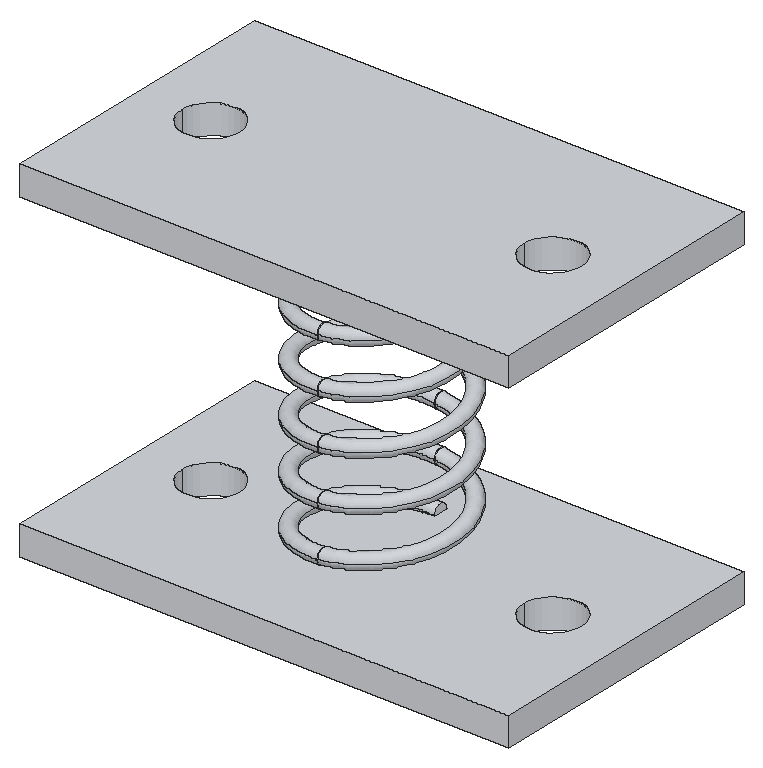
Revit family "НЕВАТОМ_Виброизолятор ВР, Версия 1", category Оборудование, Revit 2017
Family settings
  Размер круглого соединителя = Использовать диаметр
  Тип детали = Нормальный
  На основе рабочей плоскости = Нет
  Всегда вертикально = Да
  При загрузке вырезать с полостями = Нет
  Общий = Нет
  Точка расчета площади = Нет
Parameters (values of type "Виброизолятор ВР")
  Виброизолятор = "НЕВАТОМ_Виброизолятор ВР"  # constant formula
  t3 = 6 mm  # constant formula
  t/2 = t / 2  # 5.143 mm
  t = H / 7  # 10.286 mm
  d1 = size_lookup(Виброизолятор, "d1", 12 mm, Type)  # 12 mm
  d = size_lookup(Виброизолятор, "d", 3 mm, Type)  # 3 mm
  Type = 38 mm
  R1 = d / 2  # 1.5 mm
  R = Dsr / 2  # 15 mm
  Massiv = 6
  L2 = H - 12 mm  # 60 mm
  L = size_lookup(Виброизолятор, "L", 100 mm, Type)  # 100 mm
  H = size_lookup(Виброизолятор, "H", 72 mm, Type)  # 72 mm
  Dsr = size_lookup(Виброизолятор, "Dsr", 30 mm, Type)  # 30 mm
  B = size_lookup(Виброизолятор, "B", 60 mm, Type)  # 60 mm
  ADSK_Примечание = ""
  ADSK_Позиция = ""
  ADSK_Обозначение = ""
  ADSK_Наименование = size_lookup(Виброизолятор, "", "Виброизолятор ДО-38", Type)  # "Виброизолятор ДО-38"
  ADSK_Масса = size_lookup(Виброизолятор, "M", 0.2, Type)  # 0.2
  ADSK_Марка = ADSK_Наименование  # "Виброизолятор ДО-38"
  ADSK_Количество = 1
  ADSK_Код изделия = "ДО"  # constant formula
  ADSK_Завод-изготовитель = "КВЗ"
  ADSK_Единица измерения = ""
  A = size_lookup(Виброизолятор, "A", 70 mm, Type)  # 70 mm
Reference planes
  plane 1 "По центру (Вперед/Назад)": y = 0
  plane 2: z = 0
  plane 3 "По центру (Влево/Вправо)": x = 0
  plane 4: z = 320
  plane 5: z = 330.286
  plane 6: z = 340.571
  plane 7: z = 350.857
  plane 8: y = 30
  plane 9: x = -50
  plane 10: x = 50
  plane 11: y = -30
  plane 12: x = 50
  plane 13: x = -50
  plane 14: y = 30
  plane 15: y = -30
  plane 16: z = 361.143
  plane 17: z = 371.429
Forms (mm)
  SweptBlend 1, solid
    path origin (0, 0, 320) x (1, 0, 0) y (0, 1, 0)
      loop
        arc (0, 15) -> (-15, 0) -> (0, -15) r 15
    profile origin (0, 15, 320) x (0, -1, 0) y (0, 0, 1)
      loop
        circle (0, 0) r 1.5
    end profile origin (0, -15, 320) x (0, 1, 0) y (0, 0, 1)
      loop
        circle (0, 5.143) r 1.5
  SweptBlend 2, solid
    path origin (0, 0, 320) x (-1, 0, 0) y (0, -1, 0)
      loop
        arc (0, 15) -> (-15, 0) -> (0, -15) r 15
    profile origin (0, -15, 320) x (0, 1, 0) y (0, 0, 1)
      loop
        circle (0, 5.143) r 1.5
    end profile origin (0, 15, 320) x (0, -1, 0) y (0, 0, 1)
      loop
        circle (0, 10.286) r 1.5
  SweptBlend 3, solid
    path origin (0, 0, 330.286) x (1, 0, 0) y (0, 1, 0)
      loop
        arc (0, 15) -> (-15, 0) -> (0, -15) r 15
    profile origin (0, 15, 330.286) x (0, -1, 0) y (0, 0, 1)
      loop
        circle (0, 0) r 1.5
    end profile origin (0, -15, 330.286) x (0, 1, 0) y (0, 0, 1)
      loop
        circle (0, 5.143) r 1.5
  SweptBlend 4, solid
    path origin (0, 0, 330.286) x (-1, 0, 0) y (0, -1, 0)
      loop
        arc (0, 15) -> (-15, 0) -> (0, -15) r 15
    profile origin (0, -15, 330.286) x (0, 1, 0) y (0, 0, 1)
      loop
        circle (0, 5.143) r 1.5
    end profile origin (0, 15, 330.286) x (0, -1, 0) y (0, 0, 1)
      loop
        circle (0, 10.286) r 1.5
  Extrusion 5, solid
    sketch origin (0, 0, 0) x (1, 0, 0) y (0, 1, 0)
      loop
        line (-50, 30) -> (-50, -30) -> (50, -30) -> (50, 30) -> (-50, 30)
      loop
        circle (-35, 0) r 6
      loop
        circle (35, 0) r 6
    from 320 to 314
  SweptBlend 6, solid
    path origin (0, 0, 340.571) x (1, 0, 0) y (0, 1, 0)
      loop
        arc (0, 15) -> (-15, 0) -> (0, -15) r 15
    profile origin (0, 15, 340.571) x (0, -1, 0) y (0, 0, 1)
      loop
        circle (0, 0) r 1.5
    end profile origin (0, -15, 340.571) x (0, 1, 0) y (0, 0, 1)
      loop
        circle (0, 5.143) r 1.5
  SweptBlend 7, solid
    path origin (0, 0, 340.571) x (-1, 0, 0) y (0, -1, 0)
      loop
        arc (0, 15) -> (-15, 0) -> (0, -15) r 15
    profile origin (0, -15, 340.571) x (0, 1, 0) y (0, 0, 1)
      loop
        circle (0, 5.143) r 1.5
    end profile origin (0, 15, 340.571) x (0, -1, 0) y (0, 0, 1)
      loop
        circle (0, 10.286) r 1.5
  SweptBlend 8, solid
    path origin (0, 0, 350.857) x (1, 0, 0) y (0, 1, 0)
      loop
        arc (0, 15) -> (-15, 0) -> (0, -15) r 15
    profile origin (0, 15, 350.857) x (0, -1, 0) y (0, 0, 1)
      loop
        circle (0, 0) r 1.5
    end profile origin (0, -15, 350.857) x (0, 1, 0) y (0, 0, 1)
      loop
        circle (0, 5.143) r 1.5
  SweptBlend 9, solid
    path origin (0, 0, 350.857) x (-1, 0, 0) y (0, -1, 0)
      loop
        arc (0, 15) -> (-15, 0) -> (0, -15) r 15
    profile origin (0, -15, 350.857) x (0, 1, 0) y (0, 0, 1)
      loop
        circle (0, 5.143) r 1.5
    end profile origin (0, 15, 350.857) x (0, -1, 0) y (0, 0, 1)
      loop
        circle (0, 10.286) r 1.5
  Extrusion 10, solid
    sketch origin (0, 0, 0) x (1, 0, 0) y (0, 1, 0)
      loop
        line (-50, 30) -> (-50, -30) -> (50, -30) -> (50, 30) -> (-50, 30)
      loop
        circle (-35, 0) r 6
      loop
        circle (35, 0) r 6
    from 386 to 380
  SweptBlend 11, solid
    path origin (0, 0, 361.143) x (1, 0, 0) y (0, 1, 0)
      loop
        arc (0, 15) -> (-15, 0) -> (0, -15) r 15
    profile origin (0, 15, 361.143) x (0, -1, 0) y (0, 0, 1)
      loop
        circle (0, 0) r 1.5
    end profile origin (0, -15, 361.143) x (0, 1, 0) y (0, 0, 1)
      loop
        circle (0, 5.143) r 1.5
  SweptBlend 12, solid
    path origin (0, 0, 361.143) x (-1, 0, 0) y (0, -1, 0)
      loop
        arc (0, 15) -> (-15, 0) -> (0, -15) r 15
    profile origin (0, -15, 361.143) x (0, 1, 0) y (0, 0, 1)
      loop
        circle (0, 5.143) r 1.5
    end profile origin (0, 15, 361.143) x (0, -1, 0) y (0, 0, 1)
      loop
        circle (0, 10.286) r 1.5
  SweptBlend 13, solid
    path origin (0, 0, 371.429) x (1, 0, 0) y (0, 1, 0)
      loop
        arc (0, 15) -> (-15, 0) -> (0, -15) r 15
    profile origin (0, 15, 371.429) x (0, -1, 0) y (0, 0, 1)
      loop
        circle (0, 0) r 1.5
    end profile origin (0, -15, 371.429) x (0, 1, 0) y (0, 0, 1)
      loop
        circle (0, 5.143) r 1.5
  SweptBlend 14, solid
    path origin (0, 0, 371.429) x (-1, 0, 0) y (0, -1, 0)
      loop
        arc (0, 15) -> (-15, 0) -> (0, -15) r 15
    profile origin (0, -15, 371.429) x (0, 1, 0) y (0, 0, 1)
      loop
        circle (0, 5.143) r 1.5
    end profile origin (0, 15, 371.429) x (0, -1, 0) y (0, 0, 1)
      loop
        circle (0, 10.286) r 1.5
Dimensions and locks
  "t/2": SweptBlend 1 sketch curve to profile plane
  "t": SweptBlend 2 sketch curve to profile plane
  "t/2": SweptBlend 2 sketch curve to profile plane
  "t/2": SweptBlend 3 sketch curve to profile plane
  "t": SweptBlend 4 sketch curve to profile plane
  "t/2": SweptBlend 4 sketch curve to profile plane
  equal spacing: group 1, group 2, group 3, group 4, group 5, group 6  (x3)
  "t": plane 5 to plane 4
  "t3": Extrusion 5 to Extrusion 5
  "t/2": SweptBlend 6 sketch curve to profile plane
  "t": SweptBlend 7 sketch curve to profile plane
  "t/2": SweptBlend 7 sketch curve to profile plane
  "t/2": SweptBlend 8 sketch curve to profile plane
  "t": SweptBlend 9 sketch curve to profile plane
  "t/2": SweptBlend 9 sketch curve to profile plane
  equal spacing: plane 9, plane 3 "По центру (Влево/Вправо)", plane 10
  "L": plane 9 to plane 10
  equal spacing: plane 8, plane 1 "По центру (Вперед/Назад)", plane 11
  "B": plane 8 to plane 11
  equal spacing: Extrusion 5 sketch curve, plane 3 "По центру (Влево/Вправо)", Extrusion 5 sketch curve
  "A": Extrusion 5 sketch curve to Extrusion 5 sketch curve
  equal spacing: plane 13, plane 3 "По центру (Влево/Вправо)", plane 12
  "L": plane 13 to plane 12
  equal spacing: plane 14, plane 1 "По центру (Вперед/Назад)", plane 15
  "B": plane 14 to plane 15
  equal spacing: Extrusion 10 sketch curve, plane 3 "По центру (Влево/Вправо)", Extrusion 10 sketch curve
  "A": Extrusion 10 sketch curve to Extrusion 10 sketch curve
  "t3": Extrusion 10 to Extrusion 10
  "L2": plane 4 to Extrusion 10
  "t/2": SweptBlend 11 sketch curve to profile plane
  "t": SweptBlend 12 sketch curve to profile plane
  "t/2": SweptBlend 12 sketch curve to profile plane
  "t/2": SweptBlend 13 sketch curve to profile plane
  "t": SweptBlend 14 sketch curve to profile plane
  "t/2": SweptBlend 14 sketch curve to profile plane
  "R": radius of SweptBlend 1 sketch curve
  "R1": radius of SweptBlend 1 sketch curve  (x2)
  "R": radius of SweptBlend 2 sketch curve
  "R1": radius of SweptBlend 2 sketch curve  (x2)
  "R": radius of SweptBlend 3 sketch curve
  "R1": radius of SweptBlend 3 sketch curve  (x2)
  "R": radius of SweptBlend 4 sketch curve
  "R1": radius of SweptBlend 4 sketch curve  (x2)
  "R": radius of SweptBlend 6 sketch curve
  "R1": radius of SweptBlend 6 sketch curve  (x2)
  "R": radius of SweptBlend 7 sketch curve
  "R1": radius of SweptBlend 7 sketch curve  (x2)
  "R": radius of SweptBlend 8 sketch curve
  "R1": radius of SweptBlend 8 sketch curve  (x2)
  "R": radius of SweptBlend 9 sketch curve
  "R1": radius of SweptBlend 9 sketch curve  (x2)
  "d1": diameter of Extrusion 5 sketch curve  (x2)
  diameter of Extrusion 5 = 12 mm  (x2)
  "R": radius of SweptBlend 11 sketch curve
  "R1": radius of SweptBlend 11 sketch curve  (x2)
  "R": radius of SweptBlend 12 sketch curve
  "R1": radius of SweptBlend 12 sketch curve  (x2)
  "R": radius of SweptBlend 13 sketch curve
  "R1": radius of SweptBlend 13 sketch curve  (x2)
  "R": radius of SweptBlend 14 sketch curve
  "R1": radius of SweptBlend 14 sketch curve  (x2)
  aligned and locked: level to plane 2
  aligned and locked: plane 4 to Extrusion 5
  aligned and locked: Extrusion 10 sketch curve to Extrusion 5  (x4)
  aligned and locked: plane 14 to Extrusion 5
  aligned and locked: plane 13 to Extrusion 5
  aligned and locked: plane 15 to Extrusion 5
  aligned and locked: plane 12 to Extrusion 5
Automatic sketch dimensions
  SweptBlend 1 sketch curve to plane 4 = 0 mm
  SweptBlend 1 sketch curve to profile plane = 0 mm  (x2)
  SweptBlend 2 sketch curve to profile plane = 0 mm  (x2)
  SweptBlend 3 sketch curve to plane 5 = 0 mm
  SweptBlend 3 sketch curve to profile plane = 0 mm  (x2)
  SweptBlend 4 sketch curve to profile plane = 0 mm  (x2)
  SweptBlend 6 sketch curve to plane 6 = 0 mm
  SweptBlend 6 sketch curve to profile plane = 0 mm  (x2)
  SweptBlend 7 sketch curve to profile plane = 0 mm  (x2)
  SweptBlend 8 sketch curve to plane 7 = 0 mm
  SweptBlend 8 sketch curve to profile plane = 0 mm  (x2)
  SweptBlend 9 sketch curve to profile plane = 0 mm  (x2)
  SweptBlend 11 sketch curve to plane 16 = 0 mm
  SweptBlend 11 sketch curve to profile plane = 0 mm  (x2)
  SweptBlend 12 sketch curve to profile plane = 0 mm  (x2)
  SweptBlend 13 sketch curve to plane 17 = 0 mm
  SweptBlend 13 sketch curve to profile plane = 0 mm  (x2)
  SweptBlend 14 sketch curve to profile plane = 0 mm  (x2)
  Extrusion 5 sketch curve to plane 8 = 0 mm
  Extrusion 5 sketch curve to plane 9 = 0 mm
  Extrusion 5 sketch curve to plane 10 = 0 mm
  Extrusion 5 sketch curve to plane 11 = 0 mm
  plane 1 "По центру (Вперед/Назад)" to Extrusion 5 sketch curve = 0 mm  (x2)
  plane 1 "По центру (Вперед/Назад)" to Extrusion 10 sketch curve = 0 mm  (x2)
  radius of Extrusion 10 sketch curve = 6 mm  (x2)
